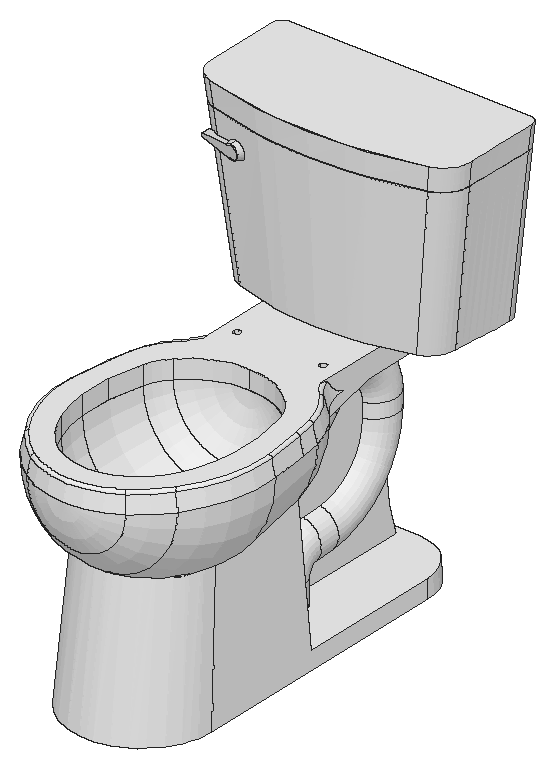
Revit family "Plumbing-Pressure-Assist-Water-Closet-Sloan-Valve-WETS-80298010_", category Plumbing Fixtures, host Face, Revit 2019 (continued)
Automatic sketch dimensions
  Masking region 2 sketch curve to Masking region 2 sketch curve = 2"  (x2)
  Masking region 2 sketch curve to Masking region 2 sketch curve = 2 1/4"  (x2)
  Masking region 2 sketch curve to Masking region 2 sketch curve = 2.79716"
  Masking region 2 sketch curve to Masking region 2 sketch curve = 0.52667"  (x2)
  Masking region 2 sketch curve to Masking region 2 sketch curve = 1.24583"
  Masking region 2 sketch curve to Masking region 2 sketch curve = 1.55117"  (x2)
  Masking region 2 sketch curve to Masking region 2 sketch curve = 1.66402"
  Masking region 2 sketch curve to Masking region 2 sketch curve = 0.70915"  (x2)
  Masking region 2 sketch curve to Masking region 2 sketch curve = 2.22418"  (x2)
  Masking region 2 sketch curve to Masking region 2 sketch curve = 0.38996"  (x2)
  Masking region 2 sketch curve to Masking region 2 sketch curve = 3.913"
  Masking region 2 sketch curve to Masking region 2 sketch curve = 4.50109"  (x2)
  Masking region 2 sketch curve to Masking region 2 sketch curve = 2.37129"  (x2)
  Masking region 2 sketch curve to Masking region 2 sketch curve = 2.31605"  (x2)
  Masking region 2 sketch curve to Masking region 2 sketch curve = 2.56575"  (x2)
  Masking region 2 sketch curve to Masking region 2 sketch curve = 5 33/128"
  Masking region 2 sketch curve to Masking region 2 sketch curve = 5.26793"
  Masking region 2 sketch curve to Masking region 2 sketch curve = 0.29604"  (x2)
  Masking region 2 sketch curve to Masking region 2 sketch curve = 17.12237"
  Masking region 2 sketch curve to Masking region 2 sketch curve = 8 3/8"
  Masking region 2 sketch curve to Masking region 2 sketch curve = 9 3/4"
  Masking region 2 sketch curve to Masking region 2 sketch curve = 3.22134"
  Masking region 2 sketch curve to Masking region 2 sketch curve = 1 1/4"
  Masking region 2 sketch curve to Masking region 2 sketch curve = 18.90159"
  Masking region 2 sketch curve to Masking region 2 sketch curve = 19.0791"
  plane 7 to Sweep 3 sketch curve = 16.44118"
  plane 7 to Sweep 3 sketch curve = 11 1/4"
  Sweep 3 sketch curve to Sweep 3 sketch curve = 1.57944"
  Sweep 3 sketch curve to Sweep 3 sketch curve = 1.22254"
  Sweep 3 sketch curve to Sweep 3 sketch curve = 1.50376"
  Sweep 3 sketch curve to Sweep 3 sketch curve = 2.37343"
  Sweep 3 sketch curve to Sweep 3 sketch curve = 3"
  Sweep 3 sketch curve to Sweep 3 sketch curve = 0.23912"
  Sweep 3 sketch curve to Sweep 3 sketch curve = 2.19457"
  Sweep 3 sketch curve to Sweep 3 sketch curve = 1.02691"
  Sweep 3 sketch curve to Sweep 3 sketch curve = 6.01869"
  Sweep 3 sketch curve to Sweep 3 sketch curve = 5.81653"
  Sweep 3 sketch curve to Sweep 3 sketch curve = 0.44425"
  Sweep 3 sketch curve to Sweep 3 sketch curve = 0"
  Sweep 3 sketch curve to Sweep 3 sketch curve = 1.66667"
  Sweep 3 sketch curve to Sweep 3 sketch curve = 0.07881"
  Sweep 3 sketch curve to Sweep 3 sketch curve = 2.69248"
  Extrusion 21 sketch curve to plane 7 = 0"
  plane 7 to Extrusion 21 sketch curve = 10.781"
  Extrusion 21 sketch curve to Extrusion 21 sketch curve = 2"
  plane 11 to Blend 22 sketch curve = 23 1/2"
  Blend 22 sketch curve to Blend 22 sketch curve = 3 1/2"  (x2)
  Blend 22 sketch curve to Blend 22 sketch curve = 4 7/8"
  Blend 22 sketch curve to Blend 22 sketch curve = 2 3/4"
  plane 11 to Blend 22 sketch curve = 4 67/128"
  plane 11 to Blend 22 sketch curve = 22.25397"
  plane 11 to Blend 22 sketch curve = 1 3/128"
  Blend 22 sketch curve to Blend 22 sketch curve = 4 5/16"
  Blend 22 sketch curve to Blend 22 sketch curve = 1 5/8"
  plane 11 to Extrusion 23 sketch curve = 13.77953"
  Extrusion 23 sketch curve to Extrusion 23 sketch curve = 5.00662"
  Extrusion 23 sketch curve to Extrusion 23 sketch curve = 1.37144"
  Extrusion 23 sketch curve to Extrusion 23 sketch curve = 0.83072"
  plane 11 to Extrusion 23 sketch curve = 2.01421"
  plane 11 to Extrusion 23 sketch curve = 1.80632"
  Extrusion 23 sketch curve to Extrusion 23 sketch curve = 1.24829"
  Extrusion 23 sketch curve to Extrusion 23 sketch curve = 2.7937"
  Sweep 24 sketch curve to profile plane = 0"  (x2)
  plane 8 to Blend 26 sketch curve = 0.21467"
  plane 8 to Blend 26 sketch curve = 0.58558"
  plane 11 to Blend 26 sketch curve = 5/16"
  plane 8 to Blend 26 sketch curve = 0.96182"
  Blend 26 sketch curve to Blend 26 sketch curve = 1.99239"
  plane 8 to Blend 26 sketch curve = 7 15/16"
  plane 9 to Blend 26 sketch curve = 2.57797"
  plane 9 to Blend 26 sketch curve = 0.96182"
  plane 9 to Blend 26 sketch curve = 0.58558"
  plane 9 to Blend 26 sketch curve = 0.21467"
  Blend 26 sketch curve to Blend 26 sketch curve = 3/4"  (x3)
  Blend 26 sketch curve to Blend 26 sketch curve = 4.13053"  (x2)
  Blend 26 sketch curve to Blend 26 sketch curve = 0.17431"  (x2)
  Blend 26 sketch curve to plane 11 = 9.28691"
  Blend 26 sketch curve to Blend 26 sketch curve = 0"  (x2)
  plane 11 to Blend 26 sketch curve = 0"
  plane 11 to Blend 26 sketch curve = 6 1/128"  (x2)
  Blend 26 sketch curve to Blend 26 sketch curve = 2"
  Blend 26 sketch curve to Blend 26 sketch curve = 8 3/8"
  Blend 26 sketch curve to Blend 26 sketch curve = 14 1/4"
  plane 11 to Blend 26 sketch curve = 3/4"
  Blend 26 sketch curve to Blend 26 sketch curve = 1 1/4"
  Blend 26 sketch curve to plane 11 = 19.0791"
  Extrusion 27 sketch curve to Extrusion 27 sketch curve = 2.41998"
  Extrusion 27 sketch curve to Extrusion 27 sketch curve = 0.01099"
  Extrusion 27 sketch curve to Extrusion 27 sketch curve = 0.0192"
  Extrusion 27 sketch curve to Extrusion 27 sketch curve = 0.16999"
  Extrusion 27 sketch curve to Extrusion 27 sketch curve = 0.15715"
  Extrusion 27 sketch curve to Extrusion 27 sketch curve = 0.78299"
  Revolve 28 sketch curve to Revolve 28 sketch curve = 0.48262"
  Revolve 28 sketch curve to Revolve 28 sketch curve = 1/2"
  Revolve 28 sketch curve to Revolve 28 sketch curve = 0.47889"
  Revolve 28 sketch curve to Revolve 28 sketch curve = 0.02676"
  Revolve 28 sketch curve to Revolve 28 sketch curve = 0.15681"
  Revolve 28 sketch curve to Revolve 28 sketch curve = 0"  (x2)
  Revolve 28 sketch curve to Revolve 28 sketch curve = 0.11261"
  plane 11 to Revolve 29 sketch curve = 18.41431"
  Revolve 29 sketch curve to Revolve 29 sketch curve = 0.38226"
  Revolve 29 sketch curve to Revolve 29 sketch curve = 213/256"
  Revolve 29 sketch curve to Revolve 29 sketch curve = 0"  (x10)
  Revolve 29 sketch curve to Revolve 29 sketch curve = 1.55117"
  Revolve 29 sketch curve to Revolve 29 sketch curve = 0.52667"
  Revolve 29 sketch curve to Revolve 29 sketch curve = 1.06316"
  Revolve 29 sketch curve to Revolve 29 sketch curve = 0.55817"
  Revolve 29 sketch curve to Revolve 29 sketch curve = 4.78572"
  Revolve 29 sketch curve to Revolve 29 sketch curve = 17.76248"
  Revolve 29 sketch curve to Revolve 29 sketch curve = 1.12242"
  Revolve 29 sketch curve to Revolve 29 sketch curve = 1.54616"
  Revolve 29 sketch curve to Revolve 29 sketch curve = 1.91616"
  Revolve 29 sketch curve to Revolve 29 sketch curve = 0.22012"
  Revolve 29 sketch curve to Revolve 29 sketch curve = 0.002"
  Revolve 29 sketch curve to Revolve 29 sketch curve = 0.38996"
  Revolve 29 sketch curve to Revolve 29 sketch curve = 2.4971"
  Revolve 29 sketch curve to Revolve 29 sketch curve = 1.76271"
  Revolve 29 sketch curve to Revolve 29 sketch curve = 0.46147"
  Revolve 29 sketch curve to Revolve 29 sketch curve = 1.76813"
  Revolve 29 sketch curve to Revolve 29 sketch curve = 2.37097"
  Revolve 29 sketch curve to Revolve 29 sketch curve = 1.94676"
  Revolve 29 sketch curve to Revolve 29 sketch curve = 0.65231"
  Revolve 29 sketch curve to Revolve 29 sketch curve = 3.62883"
  Revolve 29 sketch curve to Revolve 29 sketch curve = 2.41279"
  Revolve 29 sketch curve to Revolve 29 sketch curve = 0.18389"
  Revolve 29 sketch curve to Revolve 29 sketch curve = 1/2"
  Extrusion 30 sketch curve to Extrusion 30 sketch curve = 0.67182"
  Extrusion 30 sketch curve to Extrusion 30 sketch curve = 1.77234"
  Extrusion 30 sketch curve to Extrusion 30 sketch curve = 1.545"  (x2)
  Extrusion 30 sketch curve to Extrusion 30 sketch curve = 93/128"
  Extrusion 30 sketch curve to Extrusion 30 sketch curve = 0.40828"
  Extrusion 30 sketch curve to Extrusion 30 sketch curve = 2.54228"
  Extrusion 30 sketch curve to Extrusion 30 sketch curve = 2.74948"
  Blend 31 sketch curve to Blend 31 sketch curve = 0.99706"
  Blend 31 sketch curve to Blend 31 sketch curve = 0.24541"
  Blend 31 sketch curve to Blend 31 sketch curve = 1 13/16"
  Blend 31 sketch curve to Blend 31 sketch curve = 0.37271"
  Blend 32 sketch curve to Blend 32 sketch curve = 1 13/16"  (x2)
  Blend 32 sketch curve to Blend 32 sketch curve = 0.37271"
  Blend 32 sketch curve to Blend 32 sketch curve = 1.15396"
  plane 11 to Sweep 33 sketch curve = 26.57715"
  Sweep 33 sketch curve to Sweep 33 sketch curve = 9.12902"
  Sweep 33 sketch curve to Sweep 33 sketch curve = 0.84594"
  Sweep 33 sketch curve to Sweep 33 sketch curve = 3.46596"
  Sweep 33 sketch curve to Sweep 33 sketch curve = 1.9345"
  Sweep 33 sketch curve to Sweep 33 sketch curve = 0.18533"
  Sweep 33 sketch curve to Sweep 33 sketch curve = 1.3913"
  Sweep 33 sketch curve to Sweep 33 sketch curve = 1.1687"
  Sweep 33 sketch curve to Sweep 33 sketch curve = 3.42714"
  Sweep 33 sketch curve to Sweep 33 sketch curve = 1.86098"
  Sweep 33 sketch curve to Sweep 33 sketch curve = 1.34254"
  Sweep 33 sketch curve to Sweep 33 sketch curve = 1.96082"
  Sweep 33 sketch curve to Sweep 33 sketch curve = 0"  (x3)
  Sweep 33 sketch curve to Sweep 33 sketch curve = 2.59819"
  Sweep 33 sketch curve to profile plane = 0"
  Sweep 33 sketch curve to profile plane = 0.99706"  (x2)
  Sweep 34 sketch curve to Sweep 34 sketch curve = 0"  (x12)
  Sweep 34 sketch curve to plane 10 = 0"  (x4)
  plane 10 to Sweep 34 sketch curve = 5.70094"  (x2)
  plane 11 to Sweep 34 sketch curve = 10.88962"
  Sweep 34 sketch curve to Sweep 34 sketch curve = 18.15103"  (x2)
  Sweep 34 sketch curve to Sweep 34 sketch curve = 4"  (x2)
  Sweep 34 sketch curve to Sweep 34 sketch curve = 2.01849"
  Sweep 34 sketch curve to Sweep 34 sketch curve = 0.52667"  (x2)
  Sweep 34 sketch curve to Sweep 34 sketch curve = 1.24583"
  Sweep 34 sketch curve to Sweep 34 sketch curve = 1.55117"  (x2)
  Sweep 34 sketch curve to Sweep 34 sketch curve = 1.66402"
  Sweep 34 sketch curve to Sweep 34 sketch curve = 3.26432"
  plane 10 to Sweep 34 sketch curve = 4.99179"
  Sweep 34 sketch curve to Sweep 34 sketch curve = 2.22418"
  Sweep 34 sketch curve to Sweep 34 sketch curve = 0.38996"  (x2)
  Sweep 34 sketch curve to Sweep 34 sketch curve = 3.913"
  Sweep 34 sketch curve to Sweep 34 sketch curve = 6.87238"
  Sweep 34 sketch curve to Sweep 34 sketch curve = 5.26793"
  Sweep 34 sketch curve to Sweep 34 sketch curve = 0.29604"  (x2)
  Sweep 34 sketch curve to Sweep 34 sketch curve = 4.31887"  (x2)
  Sweep 34 sketch curve to profile plane = 0"
  Sweep 34 sketch curve to profile plane = 0.25828"
  Sweep 34 sketch curve to Sweep 34 sketch curve = 0.24359"
  Sweep 34 sketch curve to profile plane = 0.71616"
  profile plane to Sweep 34 sketch curve = 14 3/16"
  Sweep 34 sketch curve to Sweep 34 sketch curve = 1 1/16"
  Sweep 34 sketch curve to Sweep 34 sketch curve = 0.05624"
  Extrusion 35 sketch curve to Extrusion 35 sketch curve = 0"  (x20)
  plane 11 to Extrusion 35 sketch curve = 21.08289"
  Extrusion 35 sketch curve to Extrusion 35 sketch curve = 4.78572"  (x2)
  Extrusion 35 sketch curve to Extrusion 35 sketch curve = 0.55817"  (x2)
  Extrusion 35 sketch curve to Extrusion 35 sketch curve = 1.92673"  (x2)
  Extrusion 35 sketch curve to Extrusion 35 sketch curve = 3.141"
  Extrusion 35 sketch curve to Extrusion 35 sketch curve = 1.21427"  (x2)
  Extrusion 35 sketch curve to Extrusion 35 sketch curve = 0.37"  (x2)
  Extrusion 35 sketch curve to Extrusion 35 sketch curve = 0.22012"  (x2)
  Extrusion 35 sketch curve to Extrusion 35 sketch curve = 2.15467"
  Extrusion 35 sketch curve to Extrusion 35 sketch curve = 2.13627"
  Extrusion 35 sketch curve to Extrusion 35 sketch curve = 1.12242"  (x2)
  Extrusion 35 sketch curve to Extrusion 35 sketch curve = 1.58443"
  Extrusion 35 sketch curve to Extrusion 35 sketch curve = 1.57431"  (x2)
  Extrusion 36 sketch curve to Extrusion 36 sketch curve = 0"  (x15)
  plane 11 to Extrusion 36 sketch curve = 23.57999"  (x2)
  plane 11 to Extrusion 36 sketch curve = 10.88962"
  Extrusion 36 sketch curve to Extrusion 36 sketch curve = 18.15103"  (x2)
  Extrusion 36 sketch curve to Extrusion 36 sketch curve = 4"  (x2)
  Extrusion 36 sketch curve to Extrusion 36 sketch curve = 2.01849"
  Extrusion 36 sketch curve to Extrusion 36 sketch curve = 0.52667"  (x2)
  Extrusion 36 sketch curve to Extrusion 36 sketch curve = 1.24583"
  Extrusion 36 sketch curve to Extrusion 36 sketch curve = 1.55117"  (x2)
  Extrusion 36 sketch curve to Extrusion 36 sketch curve = 1.66402"
  Extrusion 36 sketch curve to Extrusion 36 sketch curve = 3.26432"
  Extrusion 36 sketch curve to Extrusion 36 sketch curve = 13.39952"
  Extrusion 36 sketch curve to Extrusion 36 sketch curve = 2.22418"  (x2)
  Extrusion 36 sketch curve to Extrusion 36 sketch curve = 0.38996"  (x2)
  Extrusion 36 sketch curve to Extrusion 36 sketch curve = 3.913"
  Extrusion 36 sketch curve to Extrusion 36 sketch curve = 3.98247"
  Extrusion 36 sketch curve to Extrusion 36 sketch curve = 0.39147"  (x2)
  Extrusion 36 sketch curve to Extrusion 36 sketch curve = 2.49844"
  Extrusion 36 sketch curve to Extrusion 36 sketch curve = 4.55398"
  Extrusion 36 sketch curve to Extrusion 36 sketch curve = 0.28975"  (x2)
  plane 11 to Extrusion 37 sketch curve = 15 3/4"
  Extrusion 37 sketch curve to Extrusion 37 sketch curve = 1.03091"
  Extrusion 37 sketch curve to plane 11 = 0.34835"
  Extrusion 37 sketch curve to Extrusion 37 sketch curve = 14.74266"
  plane 11 to Revolve 38 sketch curve = 18.41431"
  Revolve 38 sketch curve to Revolve 38 sketch curve = 1.21427"
  Revolve 38 sketch curve to Revolve 38 sketch curve = 3.141"
  Revolve 38 sketch curve to Revolve 38 sketch curve = 0.55817"
  Revolve 38 sketch curve to Revolve 38 sketch curve = 4.78572"
  Revolve 38 sketch curve to Revolve 38 sketch curve = 1.12242"
  Revolve 38 sketch curve to Revolve 38 sketch curve = 1.54616"
  Revolve 38 sketch curve to Revolve 38 sketch curve = 1.91616"
  Revolve 38 sketch curve to Revolve 38 sketch curve = 0.22012"
  Revolve 38 sketch curve to Revolve 38 sketch curve = 2.15467"
  Revolve 38 sketch curve to Revolve 38 sketch curve = 4.85057"
  Revolve 38 sketch curve to Revolve 38 sketch curve = 4.53114"
  Revolve 38 sketch curve to Revolve 38 sketch curve = 0"  (x5)
  Revolve 38 sketch curve to Revolve 38 sketch curve = 2.34667"
  Revolve 38 sketch curve to Revolve 38 sketch curve = 1/2"
  plane 11 to Extrusion 39 sketch curve = 11 3/8"
  Extrusion 39 sketch curve to Extrusion 39 sketch curve = 6"
  Extrusion 39 sketch curve to Extrusion 39 sketch curve = 0"
  Extrusion 40 sketch curve to Extrusion 40 sketch curve = 0"  (x17)
  plane 11 to Extrusion 40 sketch curve = 0"
  plane 11 to Extrusion 40 sketch curve = 6 1/128"  (x2)
  Extrusion 40 sketch curve to Extrusion 40 sketch curve = 1/4"
  Extrusion 40 sketch curve to Extrusion 40 sketch curve = 1/2"
  Extrusion 40 sketch curve to Extrusion 40 sketch curve = 1 3/4"  (x2)
  Extrusion 40 sketch curve to Extrusion 40 sketch curve = 8 3/8"
  Extrusion 40 sketch curve to Extrusion 40 sketch curve = 14 1/4"
  Extrusion 40 sketch curve to Extrusion 40 sketch curve = 1 1/4"
  Extrusion 40 sketch curve to plane 11 = 19.0791"
  plane 11 to Sweep 24 sketch curve = 16.44118"
  plane 11 to Sweep 24 sketch curve = 11 1/4"
  Sweep 24 sketch curve to Sweep 24 sketch curve = 1.57944"
  Sweep 24 sketch curve to Sweep 24 sketch curve = 1.22254"
  Sweep 24 sketch curve to Sweep 24 sketch curve = 1.50376"
  Sweep 24 sketch curve to Sweep 24 sketch curve = 2.37343"
  Sweep 24 sketch curve to Sweep 24 sketch curve = 3"
  Sweep 24 sketch curve to Sweep 24 sketch curve = 0.23912"
  Sweep 24 sketch curve to Sweep 24 sketch curve = 2.19457"
  Sweep 24 sketch curve to Sweep 24 sketch curve = 1.02691"
  Sweep 24 sketch curve to Sweep 24 sketch curve = 6.01869"
  Sweep 24 sketch curve to Sweep 24 sketch curve = 5.81653"
  Sweep 24 sketch curve to Sweep 24 sketch curve = 0.44425"
  Sweep 24 sketch curve to Sweep 24 sketch curve = 0"
  Sweep 24 sketch curve to Sweep 24 sketch curve = 1.66667"
  Sweep 24 sketch curve to Sweep 24 sketch curve = 0.07881"
  Sweep 24 sketch curve to Sweep 24 sketch curve = 2.69248"
  Extrusion 41 sketch curve to plane 11 = 0"
  plane 11 to Extrusion 41 sketch curve = 10.781"
  Extrusion 41 sketch curve to Extrusion 41 sketch curve = 2"
  plane 7 to Extrusion 4 sketch curve = 25.07129"
  Extrusion 4 sketch curve to Extrusion 4 sketch curve = 6.25633"
  Extrusion 4 sketch curve to Extrusion 4 sketch curve = 0.63587"
  Extrusion 4 sketch curve to Extrusion 4 sketch curve = 7.2727"
  Extrusion 4 sketch curve to Extrusion 4 sketch curve = 1.99428"
  Extrusion 4 sketch curve to Extrusion 4 sketch curve = 1.03117"
  plane 7 to Extrusion 4 sketch curve = 1.93503"
  plane 7 to Extrusion 4 sketch curve = 1.54092"
  Extrusion 4 sketch curve to plane 7 = 12.09356"
  Extrusion 4 sketch curve to Extrusion 4 sketch curve = 4.71404"
  Extrusion 4 sketch curve to Extrusion 4 sketch curve = 3.46658"
  Extrusion 4 sketch curve to Extrusion 4 sketch curve = 0.2571"
  Extrusion 4 sketch curve to Extrusion 4 sketch curve = 0"
  Extrusion 4 sketch curve to Extrusion 4 sketch curve = 5.1955"
  Extrusion 4 sketch curve to Extrusion 4 sketch curve = 7.268"
  Extrusion 4 sketch curve to Extrusion 4 sketch curve = 4 19/256"
  plane 11 to Extrusion 25 sketch curve = 25.07129"
  Extrusion 25 sketch curve to Extrusion 25 sketch curve = 6.25633"
  Extrusion 25 sketch curve to Extrusion 25 sketch curve = 0.63587"
  Extrusion 25 sketch curve to Extrusion 25 sketch curve = 7.2727"
  Extrusion 25 sketch curve to Extrusion 25 sketch curve = 1.99428"
  Extrusion 25 sketch curve to Extrusion 25 sketch curve = 1.03117"
  plane 11 to Extrusion 25 sketch curve = 1.93503"
  plane 11 to Extrusion 25 sketch curve = 1.54092"
  Extrusion 25 sketch curve to plane 11 = 12.09356"
  Extrusion 25 sketch curve to Extrusion 25 sketch curve = 4.71404"
  Extrusion 25 sketch curve to Extrusion 25 sketch curve = 3.46658"
  Extrusion 25 sketch curve to Extrusion 25 sketch curve = 0.2571"
  Extrusion 25 sketch curve to Extrusion 25 sketch curve = 0"
  Extrusion 25 sketch curve to Extrusion 25 sketch curve = 5.1955"
  Extrusion 25 sketch curve to Extrusion 25 sketch curve = 7.268"
  Extrusion 25 sketch curve to Extrusion 25 sketch curve = 4 19/256"
  radius of Sweep 3 sketch curve = 1 1/2"
  radius of Extrusion 5 sketch curve = 1/4"
  radius of Extrusion 19 sketch curve = 1/4"  (x2)
  radius of Sweep 24 sketch curve = 1 1/2"
  radius of Extrusion 39 sketch curve = 1/4"  (x2)
Connectors
  piping at (-152.4, 0, 254), diameter 12.7, driven by "Cold Water Connection Diameter", driven by "CWFU", driven by "Valve Pressure Drop", driven by "Cold Water Connector Description"
    settings: on Extrusion 5, index 1, connector inside diameter 24", connector length 0", flow factor 0, pipe flow 0 GPM, pressure drop 0.00 psi, fitting loss kfactor 0, connector angle 0.00°, fixture units 10, engagement length 0", angle of deflection 0.00°, flow configuration 3, flow direction 1, fitting loss method 4, system type 20, joint type 0, gender type 0, connector reference index -1, connector utility 0, adjustable connector no, is connector primary yes, connector description "Cold Water Connector d1/2\""
  piping at (0, -304.8, 0), diameter 53.975, driven by "Sanitary Drain Connection Diameter", driven by "WFU", driven by "Sanitary Drain Connector Description"
    settings: on Sweep 3, index 2, connector inside diameter 24", connector length 0", flow factor 0, pipe flow 0 GPM, pressure drop 0.00 psi, fitting loss kfactor 0, connector angle 0.00°, fixture units 10, engagement length 0", angle of deflection 0.00°, flow configuration 3, flow direction 2, fitting loss method 0, system type 16, joint type 0, gender type 0, connector reference index -1, connector utility 0, adjustable connector no, is connector primary no, connector description "Sanitary Drain Connector d2 1/8\""
Types (4): name | Water Closet Code | Product Material | Part Number | Model | Description
  (no name) | "2108029" | Sloan Valve - Vitreous China - White | "WETS-8029.8010" | "WETS-8029.8010" | "Floor-Mounted 1.28 gpf (4.8 Lpf) ADA 12\" Rough-in Pressure-Assisted/Tank Toilet."
  WETS-8029.8010 | "2108029" | Sloan Valve - Vitreous China - White | "WETS-8029.8010" | "WETS-8029.8010" | "Floor-Mounted 1.28 gpf (4.8 Lpf) ADA 12\" Rough-in Pressure-Assisted/Tank Toilet."
  WETS-8029.8010-BAA | "2108029" | Sloan Valve - Vitreous China - White | "80298010" | "WETS-8029.8010-BAA" | "Floor-Mounted 1.28 gpf (4.8 Lpf) ADA 12\" Rough-in Pressure-Assisted/Tank Toilet."
  WETS-8029.8010-STG | "2178029" | Sloan Valve - Vitreous China - SloanTec Glaze White | "WETS-8029.8010-STG" | "WETS-8029.8010-STG" | "Floor-Mounted 1.28 gpf (4.8 Lpf) ADA 12\" Rough-in Pressure-Assisted/Tank Toilet with SloanTec® Glaze."
